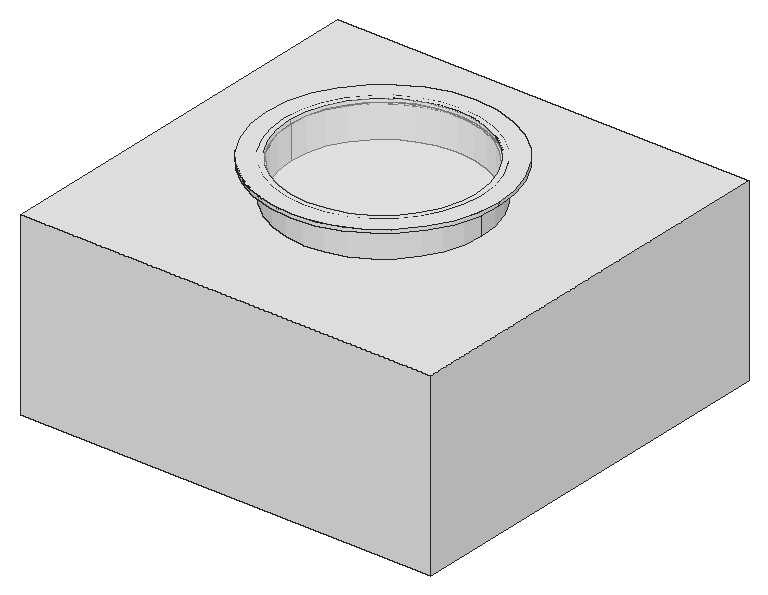
Revit family "Lighting-Recessed-Amerlux-E475RLD", category Lighting Fixtures, host Face, Revit 2014
Parameters (values of type "Trim")
  Width = 10 1/16"
  Wattage = 9.2903 W
  built-in parameter 1150110 = 1 (stored number, unit not read)
  Voltage = 0 V
  URL = "http://www.amerlux.com/"
  Trim Size = 5 7/8"
  Trim [instance] = yes
  built-in parameter 1114217 = 1 (stored number, unit not read)
  Tilt Angle = -90.00°
  built-in parameter 1150109 = 1 (stored number, unit not read)
  built-in parameter 1150134 = 3
  built-in parameter 1150113 = 1 (stored number, unit not read)
  Power Factor = 1
  Photometric Web File = "generic"
  Number of Poles = 1
  built-in parameter 1150142 = (empty or 0)
  Model Number = ""
  Model = "E475RD"
  Manufacturer = "Amerlux"
  built-in parameter 1150105 = 109.82 (stored number, unit not read)
  Lumens = 1380 lm
  built-in parameter 1150115 = 1 (stored number, unit not read)
  built-in parameter 1150137 = (empty or 0)
  built-in parameter 1150139 = (empty or 0)
  Length = 14 1/2"
  built-in parameter 1150112 = 1 (stored number, unit not read)
  built-in parameter 1150114 = 1 (stored number, unit not read)
  Lamp = "LED"
  built-in parameter 1150132 = (empty or 0)
  built-in parameter 1150102 = (empty or 0)
  built-in parameter 1150107 = 3200 (stored number, unit not read)
  built-in parameter 1150138 = (empty or 0)
  built-in parameter 1150106 = 1.0982 (stored number, unit not read)
  Emit from Circle Diameter = Aperture Size  # 4 3/4"
  Emit Shape Visible in Rendering = no
  built-in parameter 1150104 = 13.8 (stored number, unit not read)
  Dimming Lamp Color Temperature Shift = <None>
  Dimming = ""
  Description = "4.5\" Round Lensed Downlight"
  Default Elevation = 48"
  Color Filter = 16777215
  built-in parameter 1114218 = 1 (stored number, unit not read)
  built-in parameter 1150133 = 10 (stored number, unit not read)
  Apparent Load = 0 VA
  Aperture Size = 4 3/4"
Types (3): name | Trim
  (no name) | yes
  Trimless | no
  Trim | yes
Reference planes (in)
  plane 1 "Center (Front/Back)": y = 0
  plane 2: z = 0
  plane 3 "Center (Left/Right)": x = 0
  plane 4: x = -7.25
  plane 5: x = 7.25
  plane 6: z = -5.375
  plane 7: y = 5.03125
  plane 8: y = -5.03125
Forms (in)
  Extrusion 1, solid, material "Housing"
    sketch origin (0, 0, 0) x (1, 0, 0) y (0, 1, 0)
      loop
        line (-5.16548, 5.03125) -> (-5.16548, -5.03125) -> (5.22568, -5.03125) -> (5.22568, 5.03125) -> (-5.16548, 5.03125)
    from -5.375 to -0.8255
  Extrusion 2, solid, material "Trim Finish", visible <- "Trim"
    sketch origin (0, 0, 0) x (1, 0, 0) y (0, 1, 0)
      loop
        circle (0, 0) r 2.9375
      loop
        circle (0, 0) r 2.375
    from 0 to 0.08709
  Extrusion 3, solid, material "Housing"
    sketch origin (0, 0, 0) x (1, 0, 0) y (0, 1, 0)
      loop
        circle (0, 0) r 2.34375
      loop
        circle (0, 0) r 2.5
    from -0.8255 to 0
  Extrusion 4, void
    sketch origin (0, 0, 0) x (1, 0, 0) y (0, 1, 0)
      loop
        circle (0, 0) r 2.34375
    from -0.8255 to 0.08709
  Extrusion 5, solid, material "Lens"
    sketch origin (0, 0, 0) x (1, 0, 0) y (0, 1, 0)
      loop
        circle (0, 0) r 2.5
    from 0 to 0.08709
Cuts and joins
  Extrusion 4 cuts Extrusion 2
Dimensions and locks (in)
  plane 6 to host face = 5 3/8"
  "Length": plane 4 to plane 5
  equal spacing: plane 7, plane 1 "Center (Front/Back)", plane 8
  equal spacing: plane 4, plane 3 "Center (Left/Right)", plane 5
  "Width": plane 7 to plane 8
  "Aperture Size": diameter of Extrusion 2 sketch curve
  "Trim Size": diameter of Extrusion 2 sketch curve
  aligned and locked: plane 2 to host face
  aligned and locked: level to host face
  aligned and locked: Extrusion 1 to plane 6
  aligned and locked: Extrusion 1 to plane 8
  aligned and locked: Extrusion 3 to Extrusion 1
  aligned and locked: level to Extrusion 3
  aligned and locked: plane 7 to Extrusion 1
  aligned and locked: cut or joined group of Extrusion 2, Extrusion 4 to Extrusion 5
Automatic sketch dimensions
  host sketch curve to host sketch curve = 54.51167"
  host sketch curve to host sketch curve = 52.40009"
  plane 4 to Extrusion 1 sketch curve = 2.08452"
  Extrusion 1 sketch curve to plane 5 = 2.02432"
  Extrusion 1 sketch curve to plane 8 = 0"
  Extrusion 1 sketch curve to plane 7 = 0"
  Extrusion 3 sketch curve to Extrusion 3 sketch curve = 0"  (x2)
  plane 1 "Center (Front/Back)" to Extrusion 3 sketch curve = 0"
  Extrusion 3 sketch curve to plane 3 "Center (Left/Right)" = 0"
  plane 1 "Center (Front/Back)" to Extrusion 4 sketch curve = 0"
  Extrusion 4 sketch curve to plane 3 "Center (Left/Right)" = 0"
  plane 1 "Center (Front/Back)" to Extrusion 5 sketch curve = 0"
  Extrusion 5 sketch curve to plane 3 "Center (Left/Right)" = 0"
  Extrusion 2 sketch curve to Extrusion 2 sketch curve = 0"  (x2)
  plane 1 "Center (Front/Back)" to Extrusion 2 sketch curve = 0"
  Extrusion 2 sketch curve to plane 3 "Center (Left/Right)" = 0"
  radius of Extrusion 3 sketch curve = 2 11/32"
  radius of Extrusion 3 sketch curve = 2 1/2"
  radius of Extrusion 4 sketch curve = 2 11/32"
  radius of Extrusion 5 sketch curve = 2 1/2"
Connectors (in)
  electrical at (0.0301, 0, -5.375), driven by "Number of Poles", driven by "Voltage", driven by "Apparent Load", driven by "Power Factor"
    settings: on Extrusion 1, index 1, voltage 0 V, apparent load 0 VA, apparent load phase1 0 VA, apparent load phase2 0 VA, apparent load phase3 0 VA, power factor 1, load classification "Other", number of poles 1, system type 31, power factor state 1, is connector primary yes, connector utility no, sub classification motor no, connector description "Power"
